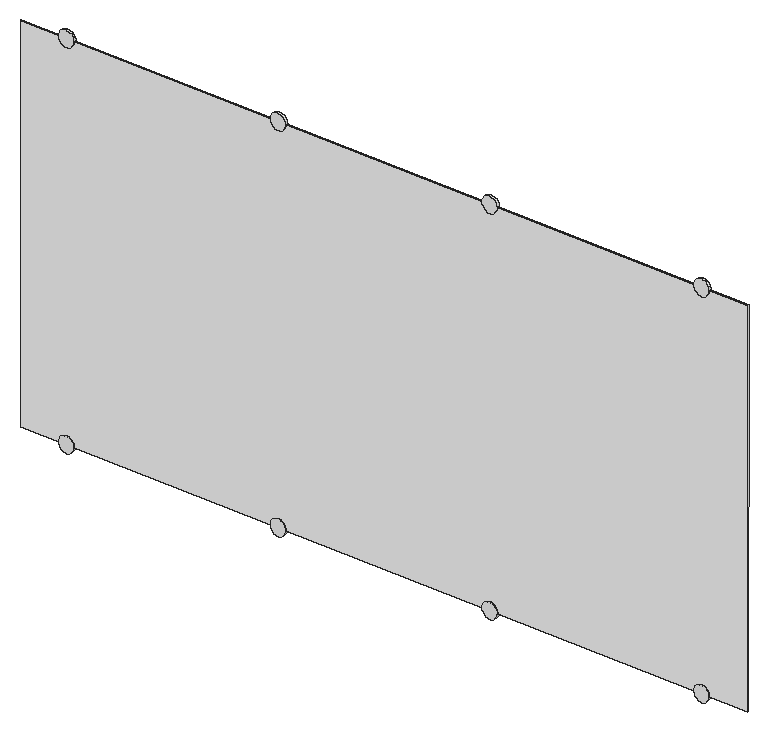
Revit family "Visionary 4x8", category Generic Models, host Wall, Revit 2018
Family settings
  Host = Wall
  Can host rebar = No
  Round Connector Dimension = Use Diameter
  Part Type = Normal
  Always vertical = Yes
  Cut with Voids When Loaded = No
  Shared = No
  Room Calculation Point = No
Parameters
  Surface = Visionary 4x8 Surface
  Mounts = Visionary Mounts Platinum
Reference planes (in)
  plane 1: y = 0
  plane 2 "Center (Left/Right)": x = 0
  plane 3 "Wall Edge": y = 3
  plane 4: z = 36
  plane 5: z = 83.24
Forms (in)
  Extrusion 1, solid, material "Visionary 4x8 Surface" <- "Surface"
    sketch origin (0, 3, 0) x (1, 0, 0) y (0, 0, 1)
      loop
        line (47.24414, 83.24) -> (-47.24414, 83.24) -> (-47.24414, 36) -> (47.24414, 36) -> (47.24414, 83.24)
    from 0 to -0.125
  Extrusion 2, solid, material "Visionary Mounts Platinum" <- "Mounts"
    sketch origin (-1, 3, 119.24) x (-1, 0, 0) y (0, 0, -1)
      loop
        circle (40.25731, 36) r 1
    from -0.25 to 0
  Extrusion 3, solid, material "Visionary Mounts Platinum" <- "Mounts"
    sketch origin (-1, 3, 0) x (-1, 0, 0) y (0, 0, -1)
      loop
        circle (40.25731, -36) r 1
    from -0.25 to 0
  Extrusion 4, solid, material "Visionary Mounts Platinum" <- "Mounts"
    sketch origin (81.51463, 3, 119.24) x (-1, 0, 0) y (0, 0, -1)
      loop
        circle (40.25731, 36) r 1
    from -0.25 to 0
  Extrusion 5, solid, material "Visionary Mounts Platinum" <- "Mounts"
    sketch origin (81.51463, 3, 0) x (-1, 0, 0) y (0, 0, -1)
      loop
        circle (40.25731, -36) r 1
    from -0.25 to 0
  Extrusion 6, solid, material "Visionary Mounts Platinum" <- "Mounts"
    sketch origin (26.50488, 3, 119.24) x (-1, 0, 0) y (0, 0, -1)
      loop
        circle (40.25731, 36) r 1
    from -0.25 to 0
  Extrusion 7, solid, material "Visionary Mounts Platinum" <- "Mounts"
    sketch origin (26.50488, 3, 0) x (-1, 0, 0) y (0, 0, -1)
      loop
        circle (40.25731, -36) r 1
    from -0.25 to 0
  Extrusion 8, solid, material "Visionary Mounts Platinum" <- "Mounts"
    sketch origin (54.00975, 3, 119.24) x (-1, 0, 0) y (0, 0, -1)
      loop
        circle (40.25731, 36) r 1
    from -0.25 to 0
  Extrusion 9, solid, material "Visionary Mounts Platinum" <- "Mounts"
    sketch origin (54.00975, 3, 0) x (-1, 0, 0) y (0, 0, -1)
      loop
        circle (40.25731, -36) r 1
    from -0.25 to 0
Text (in)
  text "Placement Side" at (0, 40.15149, 123.01588), in view "Right"
  text "Placement Side" at (-70.3804, 28.46503, 0), in view "Ref. Level"
  text "Placement Side" at (0, 81.62555, 140.59947), in view "Left"
Dimensions and locks (in)
  locked: plane 3 "Wall Edge" to host wall
  locked: level to plane 4 at 36
  equal spacing: group 1, group 3, group 4, group 2  (x3)
  aligned and locked: plane 5 to Extrusion 1
  aligned and locked: Extrusion 1 to plane 4
  aligned and locked: plane 5 to Extrusion 2
